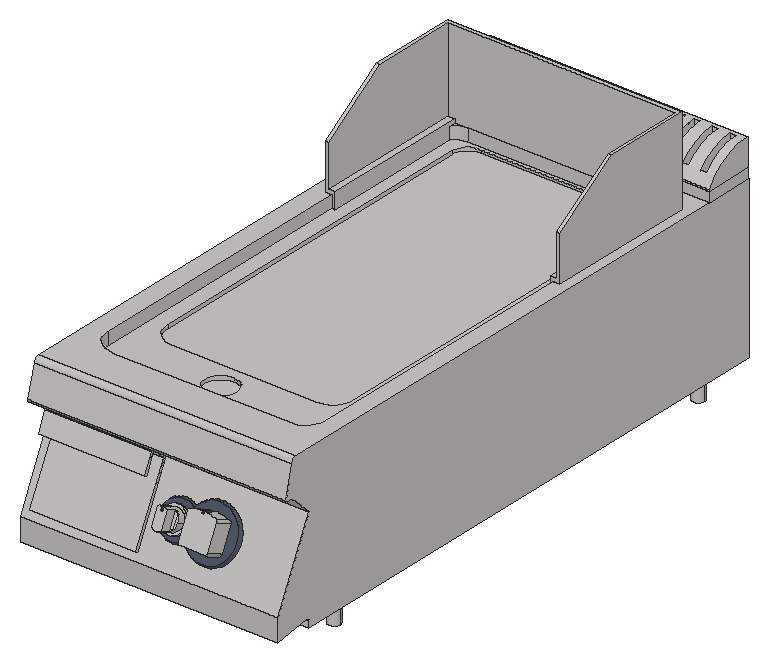
Revit family "QF_ZANUSSI_392053_Z9FTGDCS00", category Specialty Equipment, Revit 2018
Family settings
  Round Connector Dimension = Use Diameter
  Part Type = Normal
  Work Plane-Based = No
  Always vertical = Yes
  Cut with Voids When Loaded = No
  Shared = No
  Room Calculation Point = No
Parameters
  Width = 400 mm  # constant formula
  Weight in Pounds = 55  # constant formula
  Weight = 0.00 kg
  Watts = 0 W
  Volts = 0 V
  URL Manufacturer = "http://www.zanussiprofessional.com"
  URL Cutsheet = "www.electrolux.com/foodservice"
  URL = "http://www.zanussiprofessional.com"
  Type Mark [instance] = ""
  Steam Supply Size = 0"
  Steam Supply Minimum Pressure = 0.00 psi
  Steam Supply Maximum Pressure = 0.00 psi
  Steam Pounds per Hour = 0
  Status [instance] = ""
  Specification by User [instance] = ""
  Specification by Manufacturer = ""
  Show Logo [instance] = yes
  Show Clearance [instance] = yes
  Serial Number = ""
  Seismic Rating = ""
  SMACNA No = ""
  Revision Code [instance] = ""
  Refrigeration Suction Line Size = 0"
  Refrigeration Liquid Line Size = 0"
  Refrigerant Compressor Remote = yes
  Phase = 0
  Omniclass Number and Title = ""
  NAFEM Spec ID Number = ""
  Model = "Z9FTGDCS00"
  Mechanical Remarks [instance] = ""
  Mechanical Connection Type [instance] = ""
  Masterspec = ""
  Manufacturer = "Zanussi"
  Length Actual = 400 mm  # constant formula
  Item Number [instance] = "392053"
  Installed By [instance] = ""
  Identify Quantity as Lot [instance] = yes
  Hot Water Size = 0"
  Height Actual = 250 mm  # constant formula
  Height = 410 mm  # constant formula
  HP = "0 HP"
  Gas Size = 1/2"
  Gas RI Height [instance] = 0 mm
  Gas KW [instance] = 10
  Gas Input [instance] = 0.336018 Btu/h
  Gas Connection Height = 0 mm
  Furnished By [instance] = ""
  Foodservice Equipment Identifier [instance] = yes
  Direct Waste Size = 0"
  Description = "GAS FRYTOP CHR.SMOOTH SLOPED PLATE 400MM"
  Depth Actual = 900 mm  # constant formula
  Depth = 915 mm  # constant formula
  Cycle = 0 Hz
  Condensate Return Size = 0"
  Compressed Air Volume = 0 GPM
  Compressed Air Size = 0"
  Compressed Air Pressure = 0.00 psi
  Cold Water Size = 0"
  CSI MasterFormat = ""
  CSI Master Format = ""
  Base Height [instance] = 24 mm  # constant formula
  Accessory = yes
Reference planes
  plane 1 "BACK": y = 0
  plane 2: z = 0
  plane 3 "LEFT": x = 0
  plane 4 "RIGHT": x = 400
  plane 5 "FRONT": y = -915
  plane 6 "TOP": z = 410
  plane 7 "Center Y": x = 200
  plane 8 "Center X": y = -457.5
  plane 9 "BASE": z = 24
  plane 10: y = -791
  plane 11: y = -83
  plane 12: x = 348
  plane 13: y = -1045
  plane 14: z = 274
  plane 15: y = -666
  plane 16: y = -346.873
  plane 17 "panel": through (-6096, -854.982, 185.364) normal (0, -0.8956, 0.4448)
Forms (mm)
  Extrusion 1, solid, material "QF_Clearances", visible <- "Show Clearance", detail levels coarse
    sketch origin (0, 0, 0) x (1, 0, 0) y (0, 1, 0)
      loop
        line (0, -915) -> (0, 0) -> (400.05, 0) -> (400.05, -915) -> (500.069, -915) -> (500.069, 100.019) -> (-100.019, 100.019) -> (-100.019, -915) -> (0, -915)
    from 0 to 410
  Extrusion 2, solid, material "QF_Finishes_Stainless Steel"
    sketch origin (0, -200, 0) x (0, 1, 0) y (0, 0, 1)
      loop
        line (200, 24) -> (200, 274) -> (-679.358, 274)
        arc (-679.358, 274) -> (-684.643, 271.811) -> (-686.833, 266.526) r 7.474
        line (-686.833, 266.526) -> (-699.884, 221.011)
        arc (-699.884, 221.011) -> (-699.396, 218.379) -> (-697, 217.184) r 3
        line (-697, 217.184) -> (-686.802, 217.184) -> (-654.982, 185.364) -> (-715, 64.508) -> (-715, 29.508) -> (-658.645, 37.428)
        arc (-658.645, 37.428) -> (-656.101, 36.674) -> (-655, 34.259) r 3.2
        line (-655, 34.259) -> (-655, 24) -> (200, 24)
    from 0 to 400.05
  Extrusion 3, void
    sketch origin (0, -202.381, 275.4) x (-1, 0, 0) y (0, -1, 0)
      loop
        arc (-55.4, -87.381) -> (-37.439, -79.942) -> (-30, -61.981) r 25.4
        line (-30, -61.981) -> (-30, 579.98)
        arc (-30, 579.98) -> (-40.99, 606.513) -> (-67.523, 617.504) r 37.523
        line (-67.523, 617.504) -> (-344.314, 617.504)
        arc (-344.314, 617.504) -> (-366.048, 608.501) -> (-375.05, 586.768) r 30.736
        line (-375.05, 586.768) -> (-375.05, -61.981)
        arc (-375.05, -61.981) -> (-367.611, -79.942) -> (-349.65, -87.381) r 25.4
        line (-349.65, -87.381) -> (-55.4, -87.381)
    from 0 to -20
  Extrusion 4, solid, material "QF_Finishes_Stainless Steel"
    sketch origin (0, -200, 0) x (1, 0, 0) y (0, 1, 0)
      loop
        circle (11.112, 117) r 9.525
      loop
        circle (11.112, -591) r 9.525
      loop
        circle (388.887, 117) r 9.525
      loop
        circle (388.888, -591) r 9.525
    from 0 to 24
  Extrusion 5, solid, material "QF_Finishes_Stainless Steel"
    sketch origin (0, 0, 24) x (-1, 0, 0) y (0, 1, 0)
      loop
        circle (-348.05, -666) r 6.4
    from 0 to 18
  Extrusion 6, solid, material "QF_Finishes_Stainless Steel"
    sketch origin (0, -200, 0) x (0, -1, 0) y (0, 0, 1)
      loop
        line (-124.988, 274) -> (-124.988, 289) -> (-200, 289) -> (-200, 274) -> (-124.988, 274)
    from 0 to -400.05
  Extrusion 7, solid, material "QF_Finishes_Stainless Steel"
    sketch origin (0, 0, 0) x (0, 1, 0) y (0, 0, 1)
      loop
        line (0, 289) -> (0, 332.762)
        arc (0, 332.762) -> (-42.919, 322.313) -> (-75.012, 291.959) r 86.116
        line (-75.012, 291.959) -> (-75.012, 289) -> (0, 289)
    from 0 to 400
  Extrusion 8, void
    sketch origin (0, 0, 273.238) x (-1, 0, 0) y (0, -1, 0)
      loop
        line (-13.453, 6.761) -> (-13.453, 63.911) -> (-22.749, 63.911) -> (-22.749, 6.761) -> (-13.453, 6.761)
    from 25.4 to 63.5
  Extrusion 9, void
    sketch origin (400.05, 0, 273.238) x (1, 0, 0) y (0, 1, 0)
      loop
        line (-13.503, -6.761) -> (-22.799, -6.761) -> (-22.799, -63.911) -> (-13.503, -63.911) -> (-13.503, -6.761)
    from 25.4 to 63.5
  Extrusion 10, void
    sketch origin (27.988, 0, 273.238) x (-1, 0, 0) y (0, -1, 0)
      loop
        line (-13.453, 6.761) -> (-13.453, 63.911) -> (-22.749, 63.911) -> (-22.749, 6.761) -> (-13.453, 6.761)
    from 25.4 to 63.5
  Extrusion 11, void
    sketch origin (55.977, 0, 273.238) x (-1, 0, 0) y (0, -1, 0)
      loop
        line (-13.453, 6.761) -> (-13.453, 63.911) -> (-22.749, 63.911) -> (-22.749, 6.761) -> (-13.453, 6.761)
    from 25.4 to 63.5
  Extrusion 12, void
    sketch origin (83.965, 0, 273.238) x (-1, 0, 0) y (0, -1, 0)
      loop
        line (-13.428, 6.761) -> (-13.428, 63.911) -> (-22.724, 63.911) -> (-22.724, 6.761) -> (-13.428, 6.761)
    from 25.4 to 63.5
  Extrusion 13, void
    sketch origin (111.953, 0, 273.238) x (-1, 0, 0) y (0, -1, 0)
      loop
        line (-13.428, 6.761) -> (-13.428, 63.911) -> (-22.724, 63.911) -> (-22.724, 6.761) -> (-13.428, 6.761)
    from 25.4 to 63.5
  Extrusion 14, void
    sketch origin (139.942, 0, 273.238) x (-1, 0, 0) y (0, -1, 0)
      loop
        line (-13.428, 6.761) -> (-13.428, 63.911) -> (-22.724, 63.911) -> (-22.724, 6.761) -> (-13.428, 6.761)
    from 25.4 to 63.5
  Extrusion 15, void
    sketch origin (167.93, 0, 273.238) x (-1, 0, 0) y (0, -1, 0)
      loop
        line (-13.428, 6.761) -> (-13.428, 63.911) -> (-22.724, 63.911) -> (-22.724, 6.761) -> (-13.428, 6.761)
    from 25.4 to 63.5
  Extrusion 16, void
    sketch origin (307.872, 0, 273.238) x (-1, 0, 0) y (0, -1, 0)
      loop
        line (-13.403, 6.761) -> (-13.403, 63.911) -> (-22.699, 63.911) -> (-22.699, 6.761) -> (-13.403, 6.761)
    from 25.4 to 63.5
  Extrusion 17, void
    sketch origin (335.86, 0, 273.238) x (-1, 0, 0) y (0, -1, 0)
      loop
        line (-13.403, 6.761) -> (-13.403, 63.911) -> (-22.699, 63.911) -> (-22.699, 6.761) -> (-13.403, 6.761)
    from 25.4 to 63.5
  Extrusion 18, void
    sketch origin (228.013, 0, 273.238) x (-1, 0, 0) y (0, -1, 0)
      loop
        line (-13.428, 6.761) -> (-13.428, 63.911) -> (-22.724, 63.911) -> (-22.724, 6.761) -> (-13.428, 6.761)
    from 25.4 to 63.5
  Extrusion 19, void
    sketch origin (256.002, 0, 273.238) x (-1, 0, 0) y (0, -1, 0)
      loop
        line (-13.428, 6.761) -> (-13.428, 63.911) -> (-22.724, 63.911) -> (-22.724, 6.761) -> (-13.428, 6.761)
    from 25.4 to 63.5
  Extrusion 20, void
    sketch origin (283.99, 0, 273.238) x (-1, 0, 0) y (0, -1, 0)
      loop
        line (-13.403, 6.761) -> (-13.403, 63.911) -> (-22.699, 63.911) -> (-22.699, 6.761) -> (-13.403, 6.761)
    from 25.4 to 63.5
  Extrusion 21, void
    sketch origin (200.025, 0, 273.238) x (-1, 0, 0) y (0, -1, 0)
      loop
        line (-13.428, 6.761) -> (-13.428, 63.911) -> (-22.724, 63.911) -> (-22.724, 6.761) -> (-13.428, 6.761)
    from 25.4 to 63.5
  Extrusion 22, void
    sketch origin (0, -202.381, 255.4) x (0, -1, 0) y (-1, 0, 0)
      loop
        arc (-56.619, -55) -> (-74.579, -62.439) -> (-82.019, -80.4) r 25.4
        line (-82.019, -80.4) -> (-82.019, -322.6)
        arc (-82.019, -322.6) -> (-74.579, -340.561) -> (-56.619, -348) r 25.4
        line (-56.619, -348) -> (501.768, -348)
        arc (501.768, -348) -> (523.501, -338.998) -> (532.504, -317.264) r 30.736
        line (532.504, -317.264) -> (532.504, -92.523)
        arc (532.504, -92.523) -> (521.513, -65.99) -> (494.98, -55) r 37.523
        line (494.98, -55) -> (-56.619, -55)
      loop
        circle (572.619, -200) r 25
    from 0 to 5
  Extrusion 23, solid, material "QF_Finishes_Stainless Steel"
    sketch origin (0, 0, 275) x (0, 0, -1) y (-1, 0, 0)
      loop
        line (20.6, -30) -> (1, -30) -> (1, -20) -> (-135, -20) -> (-135, -25) -> (-5, -25) -> (-5, -35) -> (20.6, -35) -> (20.6, -30)
      loop
        line (20.6, -375.05) -> (20.6, -370.05) -> (-5, -370.05) -> (-5, -380.05) -> (-135, -380.05) -> (-135, -385.05) -> (1, -385.05) -> (1, -375.05) -> (20.6, -375.05)
    from -110 to -346.873
  Extrusion 24, void
    sketch origin (385.05, 0, 274) x (0, 0, -1) y (0, -1, 0)
      loop
        line (-71, 346.873) -> (-136, 346.873) -> (-136, 246.781) -> (-71, 346.873)
    from 0 to 12.7
  Extrusion 25, void
    sketch origin (25, 0, 292.959) x (0, 0, -1) y (0, -1, 0)
      loop
        line (-52.041, 346.873) -> (-117.041, 346.873) -> (-117.041, 246.781) -> (-52.041, 346.873)
    from 0 to 12.7
  Extrusion 26, solid, material "QF_Finishes_Stainless Steel"
    sketch origin (0, -110, 275) x (0, 0, -1) y (-1, 0, 0)
      loop
        line (-135, -20) -> (-135, -385.05) -> (1, -385.05) -> (1, -20) -> (-135, -20)
    from 0 to -5
  Blend 27, solid, material "QF_Finishes_Navy Blue"
    base sketch origin (276.419, -884.991, 124.936) x (1, 0, 0) y (0, 0.444781, 0.895639)
      loop
        arc (-35.05, -24.037) -> (42.5, 0) -> (-35.05, 24.037) r 42.5
        arc (-35.05, 24.037) -> (-83, 0) -> (-35.05, -24.037) r 30
    top sketch origin (276.419, -884.991, 124.936) x (1, 0, 0) y (0, 0.444781, 0.895639)
      loop
        arc (-34.578, -21.086) -> (40.5, 0) -> (-34.578, 21.086) r 40.5
        arc (-34.578, 21.086) -> (-81, 0) -> (-34.578, -21.086) r 28
    from 0 to 5
  Extrusion 28, solid, material "QF_Finishes_Stainless Steel"
    sketch origin (43.919, -884.991, 124.936) x (1, 0, 0) y (0, 0.444781, 0.895639)
      loop
        circle (177.499, -0.341) r 20
    from 5 to 10
  Extrusion 29, solid, material "QF_Finishes_Stainless Steel"
    sketch origin (43.919, -884.991, 124.936) x (1, 0, 0) y (0, 0.444781, 0.895639)
      loop
        arc (211.353, 22.789) -> (210.006, 21.685) -> (209.5, 20.019) r 2.997
        line (209.5, 20.019) -> (209.5, -20.019)
        arc (209.5, -20.019) -> (210.378, -22.138) -> (212.497, -23.016) r 2.997
        line (212.497, -23.016) -> (252.503, -23.016)
        arc (252.503, -23.016) -> (254.622, -22.138) -> (255.5, -20.019) r 2.997
        line (255.5, -20.019) -> (255.5, 20.019)
        arc (255.5, 20.019) -> (254.994, 21.685) -> (253.647, 22.789) r 2.997
        arc (253.647, 22.789) -> (232.5, 26.984) -> (211.353, 22.789) r 55.4
    from 5 to 34
  Extrusion 30, solid, material "QF_Finishes_Stainless Steel"
    sketch origin (43.919, -884.991, 124.936) x (1, 0, 0) y (0, 0.444781, 0.895639)
      loop
        circle (177.499, -0.341) r 16
    from 10 to 40
  Extrusion 31, void
    sketch origin (276.419, -884.991, 124.936) x (1, 0, 0) y (0, -0.895639, 0.444781)
      loop
        line (-62.999, 24.837) -> (-62.999, 40) -> (-71.893, 40) -> (-71.893, 22) -> (-65.835, 22)
        arc (-65.835, 22) -> (-63.827, 22.828) -> (-62.999, 24.837) r 2.827
      loop
        arc (-47.003, 24.837) -> (-46.175, 22.828) -> (-44.167, 22) r 2.827
        line (-44.167, 22) -> (-38.109, 22) -> (-38.109, 40) -> (-47.003, 40) -> (-47.003, 24.837)
    from -20.019 to 20.019
  Extrusion 32, solid, material "QF_Plastic-Black-Matte"
    sketch origin (333.919, -884.991, 124.936) x (0, 0.444781, 0.895639) y (0, -0.895639, 0.444781)
      loop
        line (26.984, 34) -> (26.984, 19) -> (27.984, 19) -> (27.984, 34)
        arc (27.984, 34) -> (27.691, 34.707) -> (26.984, 35) r 1
        line (26.984, 35) -> (23.984, 35) -> (23.984, 34) -> (26.984, 34)
    from -58.5 to -56.5
  Extrusion 33, solid, material "QF_Plastic-Black-Matte"
    sketch origin (221.418, -1018.425, -143.756) x (0, -0.444781, -0.895639) y (0, -0.895639, 0.444781)
      loop
        line (-310.284, 39.984) -> (-310.284, 40.984) -> (-312.9, 40.984)
        arc (-312.9, 40.984) -> (-315.562, 39.882) -> (-316.664, 37.22) r 3.764
        line (-316.664, 37.22) -> (-316.664, 25.027) -> (-315.664, 25.027) -> (-315.664, 37.22)
        arc (-315.664, 37.22) -> (-314.855, 39.175) -> (-312.9, 39.984) r 2.764
        line (-312.9, 39.984) -> (-310.284, 39.984)
    from 1 to -1
  Extrusion 34, solid, material "QF_Finishes_Stainless Steel"
    sketch origin (0, -214.132, -0.464) x (0, 1, 0) y (0, 0, 1)
      loop
        line (-640.85, 185.828) -> (-659.988, 204.966)
        arc (-659.988, 204.966) -> (-664.455, 206.368) -> (-668.159, 203.504) r 5.058
        line (-668.159, 203.504) -> (-680.821, 175.994) -> (-677.937, 174.666) -> (-665.275, 202.176)
        arc (-665.275, 202.176) -> (-663.896, 203.243) -> (-662.233, 202.721) r 1.883
        line (-662.233, 202.721) -> (-644.727, 185.215) -> (-698.248, 77.444) -> (-695.339, 76.105) -> (-640.85, 185.828)
    from 12.7 to 177.8
  Extrusion 35, solid, material "QF_Finishes_Drawer Clearance", visible <- "Show Clearance", detail levels coarse
    sketch origin (0, -315.732, -0.464) x (0, 1, 0) y (0, 0, 1)
      loop
        line (-726.181, 76.105) -> (-593.739, 76.105) -> (-539.25, 185.828) -> (-558.388, 204.966)
        arc (-558.388, 204.966) -> (-560.449, 206.215) -> (-562.855, 206.368) r 5.058
        line (-562.855, 206.368) -> (-695.296, 206.368)
        arc (-695.296, 206.368) -> (-697.5, 205.39) -> (-699, 203.504) r 5.058
        line (-699, 203.504) -> (-711.662, 175.994) -> (-708.778, 174.666) -> (-696.116, 202.176)
        arc (-696.116, 202.176) -> (-694.737, 203.243) -> (-693.074, 202.721) r 1.883
        line (-693.074, 202.721) -> (-675.569, 185.215) -> (-729.089, 77.444) -> (-726.181, 76.105)
    from 12.7 to 177.8
Cuts and joins
  Extrusion 3, Extrusion 22 cuts Extrusion 2
  Extrusion 8, Extrusion 9, Extrusion 10, Extrusion 11, Extrusion 12, Extrusion 13, Extrusion 14, Extrusion 15, Extrusion 16, Extrusion 17, Extrusion 18, Extrusion 19, Extrusion 20, Extrusion 21 cuts Extrusion 7
  Extrusion 18 cuts Extrusion 1
  Extrusion 24, Extrusion 25 cuts Extrusion 23
  joined: Extrusion 23, Extrusion 26
  Extrusion 31 cuts Extrusion 30
Lines and regions (mm)
  Split face 1
    outline origin (276.419, -889.469, 127.16) x (1, 0, 0) y (0, 0.444781, 0.895639)
      loop
        circle (0, 33) r 1
  Split face 2
    outline origin (276.419, -889.469, 127.16) x (1, 0, 0) y (0, 0.444781, 0.895639)
      loop
        circle (-8.541, 31.876) r 1
  Split face 3
    outline origin (276.419, -889.469, 127.16) x (1, 0, 0) y (0, 0.444781, 0.895639)
      loop
        circle (-16.5, 28.579) r 1
  Split face 4
    outline origin (276.419, -889.469, 127.16) x (1, 0, 0) y (0, 0.444781, 0.895639)
      loop
        circle (-23.335, 23.335) r 1
  Split face 5
    outline origin (276.419, -889.469, 127.16) x (1, 0, 0) y (0, 0.444781, 0.895639)
      loop
        circle (-28.579, 16.5) r 1
  Split face 6
    outline origin (276.419, -889.469, 127.16) x (1, 0, 0) y (0, 0.444781, 0.895639)
      loop
        circle (-31.876, 8.541) r 1
  Split face 7
    outline origin (276.419, -889.469, 127.16) x (1, 0, 0) y (0, 0.444781, 0.895639)
      loop
        circle (-33, 0) r 1
  Split face 8
    outline origin (276.419, -889.469, 127.16) x (-1, 0, 0) y (0, 0.444781, 0.895639)
      loop
        circle (31.876, -8.541) r 1
  Split face 9
    outline origin (276.419, -889.469, 127.16) x (-1, 0, 0) y (0, 0.444781, 0.895639)
      loop
        circle (28.579, -16.5) r 1
  Split face 10
    outline origin (276.419, -889.469, 127.16) x (-1, 0, 0) y (0, 0.444781, 0.895639)
      loop
        circle (23.335, -23.335) r 1
  Split face 11
    outline origin (276.419, -889.469, 127.16) x (-1, 0, 0) y (0, 0.444781, 0.895639)
      loop
        circle (16.5, -28.579) r 1
  Split face 12
    outline origin (276.419, -889.469, 127.16) x (-1, 0, 0) y (0, 0.444781, 0.895639)
      loop
        circle (8.541, -31.876) r 1
  Split face 13
    outline origin (276.419, -889.469, 127.16) x (1, 0, 0) y (0, -0.444781, -0.895639)
      loop
        circle (33, 0) r 1
  Split face 14
    outline origin (276.419, -889.469, 127.16) x (1, 0, 0) y (0, -0.444781, -0.895639)
      loop
        circle (31.876, -8.541) r 1
  Split face 15
    outline origin (276.419, -889.469, 127.16) x (1, 0, 0) y (0, -0.444781, -0.895639)
      loop
        circle (28.579, -16.5) r 1
  Split face 16
    outline origin (276.419, -889.469, 127.16) x (1, 0, 0) y (0, -0.444781, -0.895639)
      loop
        circle (23.335, -23.335) r 1
  Split face 17
    outline origin (276.419, -889.469, 127.16) x (1, 0, 0) y (0, -0.444781, -0.895639)
      loop
        circle (16.5, -28.579) r 1
  Split face 18
    outline origin (276.419, -889.469, 127.16) x (1, 0, 0) y (0, -0.444781, -0.895639)
      loop
        circle (8.541, -31.876) r 1
  Split face 19
    outline origin (276.419, -889.469, 127.16) x (-1, 0, 0) y (0, -0.444781, -0.895639)
      loop
        circle (-8.541, 31.876) r 1
  Split face 20
    outline origin (276.419, -889.469, 127.16) x (-1, 0, 0) y (0, -0.444781, -0.895639)
      loop
        circle (-16.5, 28.579) r 1
  Split face 21
    outline origin (276.419, -889.469, 127.16) x (-1, 0, 0) y (0, -0.444781, -0.895639)
      loop
        circle (-23.335, 23.335) r 1
  Split face 22
    outline origin (276.419, -889.469, 127.16) x (-1, 0, 0) y (0, -0.444781, -0.895639)
      loop
        circle (-28.579, 16.5) r 1
  Split face 23
    outline origin (276.419, -889.469, 127.16) x (-1, 0, 0) y (0, -0.444781, -0.895639)
      loop
        circle (-31.876, 8.541) r 1
  Split face 24
    outline origin (276.419, -889.469, 127.16) x (1, 0, 0) y (0, 0.444781, 0.895639)
      loop
        circle (-55.001, 22) r 1.508
  Split face 25
    outline origin (277.545, -885.216, 135.725) x (1, 0, 0) y (0, 0.444781, 0.895639)
      loop
        circle (-77.001, 0) r 1.343
  Split face 26
    outline origin (276.419, -889.469, 127.16) x (1, 0, 0) y (0, 0.444781, 0.895639)
      loop
        line (-56.273, -20.786) -> (-56.273, -25.164) -> (-53.729, -25.164) -> (-53.729, -20.786) -> (-56.273, -20.786)
  Split face 27
    outline origin (276.419, -889.469, 127.16) x (1, 0, 0) y (0, 0.444781, 0.895639)
      loop
        line (-70.261, 16.732) -> (-67.433, 19.559) -> (-71.077, 17.548) -> (-70.261, 16.732)
  Split face 28
    outline origin (276.419, -889.469, 127.16) x (1, 0, 0) y (0, 0.444781, 0.895639)
      loop
        circle (0, -33) r 1
  symbolic lines, style "QF_Clearances", visible <- "Show Clearance", detail levels coarse
    curve 1: line (-100.019, 100.019, 276.225) -> (-100.019, -930, 276.225)
    curve 2: line (500.069, 100.019, 276.225) -> (-100.019, 100.019, 276.225)
    curve 3: line (500.069, -930, 276.225) -> (500.069, 100.019, 276.225)
  symbolic lines
    curve 4: line (0, -75.012, 276.225) -> (400.05, -75.012, 276.225)
    curve 5: line (0, -915, 276.225) -> (0, 0, 276.225)
    curve 6: line (400.05, 0, 276.225) -> (400.05, -915, 276.225)
    curve 7: line (30, -346.873, 276.225) -> (30, -782.362, 276.225)
    curve 8: arc (30, -782.362, 276.225) -> (40.99, -808.895, 276.225) -> (67.523, -819.885, 276.225) r 37.523
    curve 9: arc (344.314, -819.885, 276.225) -> (366.048, -810.883, 276.225) -> (375.05, -789.149, 276.225) r 30.736
    curve 10: line (375.05, -789.149, 276.225) -> (375.05, -346.873, 276.225)
    curve 11: line (67.523, -819.885, 276.225) -> (344.314, -819.885, 276.225)
    curve 15: line (0, 0, 276.225) -> (400.05, 0, 276.225)
    curve 16: line (22.749, -6.761, 276.225) -> (22.749, -63.911, 276.225)
    curve 17: line (22.749, -63.911, 276.225) -> (13.453, -63.911, 276.225)
    curve 18: line (13.453, -63.911, 276.225) -> (13.453, -6.761, 276.225)
    curve 19: line (13.453, -6.761, 276.225) -> (22.749, -6.761, 276.225)
    curve 20: line (50.737, -6.761, 276.225) -> (50.737, -63.911, 276.225)
    curve 21: line (50.737, -63.911, 276.225) -> (41.441, -63.911, 276.225)
    curve 22: line (41.441, -63.911, 276.225) -> (41.441, -6.761, 276.225)
    curve 23: line (41.441, -6.761, 276.225) -> (50.737, -6.761, 276.225)
    curve 24: line (78.725, -6.761, 276.225) -> (78.725, -63.911, 276.225)
    curve 25: line (78.725, -63.911, 276.225) -> (69.43, -63.911, 276.225)
    curve 26: line (69.43, -63.911, 276.225) -> (69.43, -6.761, 276.225)
    curve 27: line (69.43, -6.761, 276.225) -> (78.725, -6.761, 276.225)
    curve 28: line (106.689, -6.761, 276.225) -> (106.689, -63.911, 276.225)
    curve 29: line (106.689, -63.911, 276.225) -> (97.393, -63.911, 276.225)
    curve 30: line (97.393, -63.911, 276.225) -> (97.393, -6.761, 276.225)
    curve 31: line (97.393, -6.761, 276.225) -> (106.689, -6.761, 276.225)
    curve 32: line (134.677, -6.761, 276.225) -> (134.677, -63.911, 276.225)
    curve 33: line (134.677, -63.911, 276.225) -> (125.381, -63.911, 276.225)
    curve 34: line (125.381, -63.911, 276.225) -> (125.381, -6.761, 276.225)
    curve 35: line (125.381, -6.761, 276.225) -> (134.677, -6.761, 276.225)
    curve 36: line (162.665, -6.761, 276.225) -> (162.665, -63.911, 276.225)
    curve 37: line (162.665, -63.911, 276.225) -> (153.37, -63.911, 276.225)
    curve 38: line (153.37, -63.911, 276.225) -> (153.37, -6.761, 276.225)
    curve 39: line (153.37, -6.761, 276.225) -> (162.665, -6.761, 276.225)
    curve 40: line (190.654, -6.761, 276.225) -> (190.654, -63.911, 276.225)
    curve 41: line (190.654, -63.911, 276.225) -> (181.358, -63.911, 276.225)
    curve 42: line (181.358, -63.911, 276.225) -> (181.358, -6.761, 276.225)
    curve 43: line (181.358, -6.761, 276.225) -> (190.654, -6.761, 276.225)
    curve 44: line (222.749, -6.761, 276.225) -> (222.749, -63.911, 276.225)
    curve 45: line (222.749, -63.911, 276.225) -> (213.453, -63.911, 276.225)
    curve 46: line (213.453, -63.911, 276.225) -> (213.453, -6.761, 276.225)
    curve 47: line (213.453, -6.761, 276.225) -> (222.749, -6.761, 276.225)
    curve 48: line (250.737, -6.761, 276.225) -> (250.737, -63.911, 276.225)
    curve 49: line (250.737, -63.911, 276.225) -> (241.441, -63.911, 276.225)
    curve 50: line (241.441, -63.911, 276.225) -> (241.441, -6.761, 276.225)
    curve 51: line (241.441, -6.761, 276.225) -> (250.737, -6.761, 276.225)
    curve 52: line (278.725, -6.761, 276.225) -> (278.725, -63.911, 276.225)
    curve 53: line (278.725, -63.911, 276.225) -> (269.43, -63.911, 276.225)
    curve 54: line (269.43, -63.911, 276.225) -> (269.43, -6.761, 276.225)
    curve 55: line (269.43, -6.761, 276.225) -> (278.725, -6.761, 276.225)
    curve 56: line (306.689, -6.761, 276.225) -> (306.689, -63.911, 276.225)
    curve 57: line (306.689, -63.911, 276.225) -> (297.393, -63.911, 276.225)
    curve 58: line (297.393, -63.911, 276.225) -> (297.393, -6.761, 276.225)
    curve 59: line (297.393, -6.761, 276.225) -> (306.689, -6.761, 276.225)
    curve 60: line (330.57, -6.761, 276.225) -> (330.57, -63.911, 276.225)
    curve 61: line (330.57, -63.911, 276.225) -> (321.275, -63.911, 276.225)
    curve 62: line (321.275, -63.911, 276.225) -> (321.275, -6.761, 276.225)
    curve 63: line (321.275, -6.761, 276.225) -> (330.57, -6.761, 276.225)
    curve 64: line (358.559, -6.761, 276.225) -> (358.559, -63.911, 276.225)
    curve 65: line (358.559, -63.911, 276.225) -> (349.263, -63.911, 276.225)
    curve 66: line (349.263, -63.911, 276.225) -> (349.263, -6.761, 276.225)
    curve 67: line (349.263, -6.761, 276.225) -> (358.559, -6.761, 276.225)
    curve 68: line (386.547, -6.761, 276.225) -> (386.547, -63.911, 276.225)
    curve 69: line (386.547, -63.911, 276.225) -> (377.251, -63.911, 276.225)
    curve 70: line (377.251, -63.911, 276.225) -> (377.251, -6.761, 276.225)
    curve 71: line (377.251, -6.761, 276.225) -> (386.547, -6.761, 276.225)
    curve 72: line (20, -110, 276.225) -> (20, -346.873, 276.225)
    curve 73: line (385.05, -110, 276.225) -> (20, -110, 276.225)
    curve 74: line (385.05, -346.873, 276.225) -> (385.05, -110, 276.225)
    curve 75: line (20, -346.873, 276.225) -> (35, -346.873, 276.225)
    curve 76: line (370.05, -346.873, 276.225) -> (385.05, -346.873, 276.225)
    curve 77: arc (55, -145.762, 276.225) -> (62.439, -127.802, 276.225) -> (80.4, -120.362, 276.225) r 25.4
    curve 78: line (80.4, -120.362, 276.225) -> (322.6, -120.362, 276.225)
    curve 79: arc (322.6, -120.362, 276.225) -> (340.561, -127.802, 276.225) -> (348, -145.762, 276.225) r 25.4
    curve 80: line (348, -145.762, 276.225) -> (348, -704.149, 276.225)
    curve 81: arc (348, -704.149, 276.225) -> (338.998, -725.883, 276.225) -> (317.264, -734.885, 276.225) r 30.736
    curve 82: line (317.264, -734.885, 276.225) -> (92.523, -734.885, 276.225)
    curve 83: arc (92.523, -734.885, 276.225) -> (65.99, -723.895, 276.225) -> (55, -697.362, 276.225) r 37.523
    curve 84: line (55, -697.362, 276.225) -> (55, -145.762, 276.225)
    curve 85: line (370.05, -346.873, 276.225) -> (370.05, -115, 276.225)
    curve 86: line (380.05, -115, 276.225) -> (380.05, -346.873, 276.225)
    curve 87: line (35, -346.873, 276.225) -> (35, -115, 276.225)
    curve 88: line (25, -346.873, 276.225) -> (25, -115, 276.225)
    curve 89: line (35, -115, 276.225) -> (380.05, -115, 276.225)
    curve 90: arc (370.05, -125.267, 276.225) -> (361.069, -117.712, 276.225) -> (349.65, -115, 276.225) r 25.4
    curve 91: arc (55.4, -115, 276.225) -> (43.981, -117.712, 276.225) -> (35, -125.267, 276.225) r 25.4
    curve 92: arc (200, -750, 276.225) -> (225, -775, 276.225) -> (200, -800, 276.225) r 25
    curve 93: arc (200, -800, 276.225) -> (175, -775, 276.225) -> (200, -750, 276.225) r 25
    curve 94: line (253.419, -900, 0) -> (253.419, -924.347, 0)
    curve 95: arc (253.419, -924.347, 0) -> (253.566, -924.811, 0) -> (253.951, -925.107, 0) r 0.809
    curve 96: arc (253.951, -925.107, 0) -> (255.139, -925.587, 0) -> (256.417, -925.68, 0) r 4.127
    curve 97: arc (253.419, -904.292, 0) -> (248.378, -902.458, 0) -> (243.61, -900, 0) r 42.24
    curve 98: arc (253.419, -906.539, 0) -> (253.922, -905.818, 0) -> (254.719, -905.448, 0) r 1.682
    curve 99: arc (254.719, -905.448, 0) -> (265.021, -903.95, 0) -> (275.419, -903.441, 0) r 109.079
    curve 100: line (275.419, -900, 0) -> (275.419, -905.671, 0)
    curve 101: line (275.419, -905.671, 0) -> (277.419, -905.671, 0)
    curve 102: line (277.419, -905.671, 0) -> (277.419, -900, 0)
    curve 103: line (299.419, -900, 0) -> (299.419, -924.347, 0)
    curve 104: arc (299.419, -924.347, 0) -> (299.273, -924.811, 0) -> (298.887, -925.107, 0) r 0.809
    curve 105: arc (298.887, -925.107, 0) -> (297.7, -925.587, 0) -> (296.422, -925.68, 0) r 4.127
    curve 106: arc (299.419, -904.292, 0) -> (304.461, -902.458, 0) -> (309.229, -900, 0) r 42.24
    curve 107: arc (299.419, -906.539, 0) -> (298.917, -905.818, 0) -> (298.12, -905.448, 0) r 1.682
    curve 108: arc (298.12, -905.448, 0) -> (287.818, -903.95, 0) -> (277.419, -903.441, 0) r 109.079
    curve 109: line (256.417, -925.68, 0) -> (296.422, -925.68, 0)
    curve 110: line (213.421, -925.977, 908.9) -> (213.421, -901.224, 908.9)
    curve 111: line (229.416, -901.224, 908.9) -> (229.416, -925.977, 908.9)
    curve 112: spline (210.785, -910.164, 908.9) -> (209.296, -909.491, 908.9) -> (208.02, -908.737, 908.9) -> (206.98, -907.914, 908.9) -> (206.195, -907.037, 908.9) -> (205.677, -906.121, 908.9) -> (205.436, -905.183, 908.9) -> (205.477, -904.239, 908.9) -> (205.798, -903.306, 908.9) -> (206.393, -902.4, 908.9) -> (207.254, -901.537, 908.9) -> (208.363, -900.732, 908.9) -> (209.702, -900, 908.9)
    curve 113: spline (233.133, -900, 908.9) -> (234.477, -900.735, 908.9) -> (235.589, -901.543, 908.9) -> (236.451, -902.41, 908.9) -> (237.046, -903.319, 908.9) -> (237.365, -904.256, 908.9) -> (237.401, -905.204, 908.9) -> (237.154, -906.145, 908.9) -> (236.628, -907.063, 908.9) -> (235.833, -907.942, 908.9) -> (234.782, -908.766, 908.9) -> (233.495, -909.521, 908.9) -> (231.994, -910.193, 908.9)
    curve 114: spline (231.994, -910.193, 908.9) -> (231.713, -910.322, 908.9) -> (231.432, -910.487, 908.9) -> (231.154, -910.686, 908.9) -> (230.884, -910.917, 908.9) -> (230.626, -911.177, 908.9) -> (230.382, -911.461, 908.9) -> (230.157, -911.765, 908.9) -> (229.954, -912.085, 908.9) -> (229.777, -912.416, 908.9) -> (229.626, -912.754, 908.9) -> (229.505, -913.094, 908.9) -> (229.416, -913.43, 908.9)
    curve 115: spline (213.421, -913.341, 908.9) -> (213.348, -912.987, 908.9) -> (213.241, -912.634, 908.9) -> (213.1, -912.286, 908.9) -> (212.927, -911.949, 908.9) -> (212.725, -911.628, 908.9) -> (212.497, -911.327, 908.9) -> (212.246, -911.051, 908.9) -> (211.976, -910.803, 908.9) -> (211.69, -910.588, 908.9) -> (211.394, -910.408, 908.9) -> (211.09, -910.266, 908.9) -> (210.785, -910.164, 908.9)
    curve 116: line (205.418, -904.847, 908.9) -> (205.418, -900, 908.9)
    curve 117: line (237.421, -904.85, 908.9) -> (237.421, -900, 908.9)
    curve 118: arc (213.421, -925.977, 908.9) -> (221.418, -927.063, 908.9) -> (229.416, -925.977, 908.9) r 30
    curve 119: arc (213.421, -901.224, 0) -> (213.322, -900.567, 0) -> (212.975, -900, 0) r 1.677
    curve 120: arc (229.416, -901.224, 0) -> (229.515, -900.567, 0) -> (229.861, -900, 0) r 1.677
    curve 121: line (299.419, -915, 276.225) -> (400.05, -915, 276.225)
    curve 122: line (0, -900, 276.225) -> (400.05, -900, 276.225)
    curve 123: line (253.419, -915, 276.225) -> (229.416, -915, 276.225)
    curve 124: line (0, -915, 276.225) -> (213.421, -915, 276.225)
    curve 125: line (12.7, -915, 276.225) -> (12.7, -900, 276.225)
    curve 126: line (177.8, -915, 276.225) -> (177.8, -900, 276.225)
  symbolic lines, style "QF_Door-Drawer Clearances", visible <- "Show Clearance", detail levels coarse
    curve 12: line (12.7, -915, 276.225) -> (12.7, -1044.821, 276.225)
    curve 13: line (12.7, -1044.821, 276.225) -> (177.8, -1044.821, 276.225)
    curve 14: line (177.8, -1044.821, 276.225) -> (177.8, -915, 276.225)
Dimensions and locks
  equal spacing: plane 3 "LEFT", plane 7 "Center Y", plane 4 "RIGHT"
  "Width": plane 3 "LEFT" to plane 4 "RIGHT"
  equal spacing: plane 5 "FRONT", plane 8 "Center X", plane 1 "BACK"
  "Depth": plane 5 "FRONT" to plane 1 "BACK"
  plane 1 "BACK" to plane 5 "FRONT" = 915 mm
  "Base Height": plane 9 "BASE" to level
  plane 9 "BASE" to level = 24 mm
  plane 6 "TOP" to level = 410 mm
  plane 6 "TOP" to plane 9 "BASE" = 386 mm
  plane 13 to plane 1 "BACK" = 1045 mm
  plane 5 "FRONT" to plane 1 "BACK" = 915 mm
  Extrusion 4 sketch curve to plane 1 "BACK" = 83 mm
  plane 10 to plane 11 to plane 1 "BACK" = 708 mm, 83 mm
  Extrusion 4 sketch curve to Extrusion 4 sketch curve = 708 mm
  plane 5 "FRONT" to plane 10 = 124 mm
  Extrusion 5 to plane 9 "BASE" = 18 mm
  plane 14 to plane 9 "BASE" = 250 mm
  plane 15 to plane 1 "BACK" = 666 mm
  plane 9 "BASE" to plane 2 = 24 mm
  plane 9 "BASE" to cut or joined group of Extrusion 7, Extrusion 8, Extrusion 9, Extrusion 10, Extrusion 11, Extrusion 12, Extrusion 13, Extrusion 14, Extrusion 15, Extrusion 16, Extrusion 17, Extrusion 18, Extrusion 19, Extrusion 20, Extrusion 21 = 265 mm
  aligned and locked: level to plane 2
  aligned and locked: plane 9 "BASE" to Extrusion 4
Automatic sketch dimensions
  plane 5 "FRONT" to Extrusion 1 sketch curve = 0 mm  (x2)
  plane 1 "BACK" to Extrusion 1 sketch curve = 0 mm
  Extrusion 1 sketch curve to plane 3 "LEFT" = 0 mm
  Extrusion 1 sketch curve to plane 3 "LEFT" = 100.019 mm
  plane 4 "RIGHT" to Extrusion 1 sketch curve = 0.05 mm
  Extrusion 1 sketch curve to Extrusion 1 sketch curve = 100.019 mm
  Extrusion 1 sketch curve to plane 1 "BACK" = 100.019 mm
  Extrusion 2 sketch curve to plane 5 "FRONT" = 0 mm
  Extrusion 2 sketch curve to plane 14 = 0 mm
  Extrusion 2 sketch curve to plane 9 "BASE" = 0 mm
  Extrusion 2 sketch curve to plane 17 "panel" = 0 mm  (x2)
  Extrusion 2 sketch curve to plane 1 "BACK" = 0 mm
  Extrusion 2 sketch curve to plane 5 "FRONT" = 15.116 mm
  Extrusion 2 sketch curve to Extrusion 2 sketch curve = 2.884 mm
  Extrusion 2 sketch curve to plane 14 = 7.474 mm
  Extrusion 2 sketch curve to plane 5 "FRONT" = 28.167 mm
  Extrusion 2 sketch curve to Extrusion 2 sketch curve = 10.198 mm
  plane 9 "BASE" to Extrusion 2 sketch curve = 13.428 mm
  Extrusion 2 sketch curve to plane 5 "FRONT" = 56.355 mm
  Extrusion 2 sketch curve to Extrusion 2 sketch curve = 0.445 mm
  Extrusion 2 sketch curve to Extrusion 2 sketch curve = 3.2 mm
  Extrusion 2 sketch curve to Extrusion 2 sketch curve = 31.82 mm  (x2)
  plane 9 "BASE" to Extrusion 2 sketch curve = 5.508 mm
  Extrusion 2 sketch curve to Extrusion 2 sketch curve = 3 mm
  Extrusion 3 sketch curve to plane 10 = 1.851 mm
  Extrusion 3 sketch curve to plane 4 "RIGHT" = 24.95 mm
  Extrusion 3 sketch curve to plane 12 = 1.65 mm
  plane 12 to Extrusion 3 sketch curve = 3.686 mm
  Extrusion 3 sketch curve to plane 10 = 8.638 mm
  plane 3 "LEFT" to Extrusion 3 sketch curve = 67.523 mm
  Extrusion 3 sketch curve to Extrusion 3 sketch curve = 25.4 mm
  plane 11 to Extrusion 3 sketch curve = 57.4 mm
  plane 10 to Extrusion 4 sketch curve = 0 mm
  plane 11 to Extrusion 4 sketch curve = 0 mm
  plane 3 "LEFT" to Extrusion 4 sketch curve = 11.112 mm  (x2)
  Extrusion 4 sketch curve to plane 4 "RIGHT" = 11.113 mm  (x2)
  Extrusion 5 sketch curve to plane 15 = 0 mm
  Extrusion 5 sketch curve to plane 12 = 0.05 mm
  Extrusion 6 sketch curve to Extrusion 2 = 0 mm  (x2)
  Extrusion 2 to Extrusion 6 sketch curve = 15 mm
  Extrusion 6 sketch curve to Extrusion 6 sketch curve = 75.012 mm
  Extrusion 7 sketch curve to plane 1 "BACK" = 0 mm
  plane 1 "BACK" to Extrusion 7 sketch curve = 1.769 mm
  Extrusion 7 sketch curve to plane 11 = 7.988 mm
  Extrusion 7 sketch curve to plane 14 = 27.335 mm
  plane 14 to Extrusion 7 sketch curve = 15 mm
  Extrusion 7 sketch curve to Extrusion 7 sketch curve = 2.959 mm
  plane 1 "BACK" to Extrusion 8 sketch curve = 6.761 mm
  plane 3 "LEFT" to Extrusion 8 sketch curve = 22.749 mm
  Extrusion 8 sketch curve to Extrusion 8 sketch curve = 9.296 mm
  Extrusion 8 sketch curve to plane 11 = 19.089 mm
  Extrusion 9 sketch curve to plane 1 "BACK" = 6.761 mm
  plane 4 "RIGHT" to Extrusion 9 sketch curve = 22.749 mm
  Extrusion 9 sketch curve to Extrusion 9 sketch curve = 9.296 mm
  plane 11 to Extrusion 9 sketch curve = 19.089 mm
  plane 1 "BACK" to Extrusion 10 sketch curve = 6.761 mm
  plane 3 "LEFT" to Extrusion 10 sketch curve = 50.737 mm
  Extrusion 10 sketch curve to Extrusion 10 sketch curve = 9.296 mm
  Extrusion 10 sketch curve to plane 11 = 19.089 mm
  plane 1 "BACK" to Extrusion 11 sketch curve = 6.761 mm
  plane 3 "LEFT" to Extrusion 11 sketch curve = 78.725 mm
  Extrusion 11 sketch curve to Extrusion 11 sketch curve = 9.296 mm
  Extrusion 11 sketch curve to plane 11 = 19.089 mm
  plane 1 "BACK" to Extrusion 12 sketch curve = 6.761 mm
  Extrusion 12 sketch curve to plane 7 "Center Y" = 93.311 mm
  Extrusion 12 sketch curve to Extrusion 12 sketch curve = 9.296 mm
  Extrusion 12 sketch curve to plane 11 = 19.089 mm
  plane 1 "BACK" to Extrusion 13 sketch curve = 6.761 mm
  Extrusion 13 sketch curve to plane 7 "Center Y" = 65.323 mm
  Extrusion 13 sketch curve to Extrusion 13 sketch curve = 9.296 mm
  Extrusion 13 sketch curve to plane 11 = 19.089 mm
  plane 1 "BACK" to Extrusion 14 sketch curve = 6.761 mm
  Extrusion 14 sketch curve to plane 7 "Center Y" = 37.335 mm
  Extrusion 14 sketch curve to Extrusion 14 sketch curve = 9.296 mm
  Extrusion 14 sketch curve to plane 11 = 19.089 mm
  Extrusion 15 sketch curve to plane 7 "Center Y" = 9.346 mm
  Extrusion 15 sketch curve to Extrusion 15 sketch curve = 9.296 mm
  plane 1 "BACK" to Extrusion 15 sketch curve = 6.761 mm
  Extrusion 15 sketch curve to plane 11 = 19.089 mm
  plane 1 "BACK" to Extrusion 16 sketch curve = 6.761 mm
  plane 12 to Extrusion 16 sketch curve = 17.43 mm
  Extrusion 16 sketch curve to Extrusion 16 sketch curve = 9.296 mm
  Extrusion 16 sketch curve to plane 11 = 19.089 mm
  Extrusion 17 sketch curve to plane 12 = 10.559 mm
  Extrusion 17 sketch curve to plane 12 = 1.263 mm
  plane 1 "BACK" to Extrusion 17 sketch curve = 6.761 mm
  Extrusion 17 sketch curve to plane 11 = 19.089 mm
  plane 1 "BACK" to Extrusion 18 sketch curve = 6.761 mm
  plane 7 "Center Y" to Extrusion 18 sketch curve = 50.737 mm
  Extrusion 18 sketch curve to Extrusion 18 sketch curve = 9.296 mm
  Extrusion 18 sketch curve to plane 11 = 19.089 mm
  plane 1 "BACK" to Extrusion 19 sketch curve = 6.761 mm
  plane 12 to Extrusion 19 sketch curve = 69.275 mm
  Extrusion 19 sketch curve to Extrusion 19 sketch curve = 9.296 mm
  Extrusion 19 sketch curve to plane 11 = 19.089 mm
  plane 1 "BACK" to Extrusion 20 sketch curve = 6.761 mm
  plane 12 to Extrusion 20 sketch curve = 41.311 mm
  Extrusion 20 sketch curve to Extrusion 20 sketch curve = 9.296 mm
  Extrusion 20 sketch curve to plane 11 = 19.089 mm
  plane 1 "BACK" to Extrusion 21 sketch curve = 6.761 mm
  plane 7 "Center Y" to Extrusion 21 sketch curve = 22.749 mm
  Extrusion 21 sketch curve to Extrusion 21 sketch curve = 9.296 mm
  Extrusion 21 sketch curve to plane 11 = 19.089 mm
  Extrusion 22 sketch curve to Extrusion 3 = 5.362 mm
  Extrusion 22 sketch curve to Extrusion 22 sketch curve = 25.4 mm  (x2)
  Extrusion 22 sketch curve to Extrusion 3 = 25 mm
  Extrusion 22 sketch curve to Extrusion 3 = 122.523 mm
  Extrusion 22 sketch curve to Extrusion 3 = 27.05 mm
  Extrusion 22 sketch curve to Extrusion 3 = 115.736 mm
  Extrusion 22 sketch curve to Extrusion 22 sketch curve = 37.523 mm
  Extrusion 22 sketch curve to Extrusion 3 = 44.885 mm
  Extrusion 22 sketch curve to Extrusion 22 sketch curve = 107.477 mm
  Extrusion 23 sketch curve to plane 6 "TOP" = 0 mm  (x2)
  Extrusion 23 sketch curve to plane 14 = 0 mm  (x2)
  plane 14 to Extrusion 23 sketch curve = 6 mm  (x2)
  Extrusion 23 sketch curve to plane 14 = 19.6 mm  (x2)
  Extrusion 23 sketch curve to plane 4 "RIGHT" = 14.95 mm
  Extrusion 23 sketch curve to Extrusion 23 sketch curve = 5 mm  (x6)
  plane 3 "LEFT" to Extrusion 23 sketch curve = 35 mm
  Extrusion 24 sketch curve to Extrusion 23 = 0 mm  (x2)
  Extrusion 24 sketch curve to Extrusion 24 sketch curve = 65 mm
  Extrusion 24 sketch curve to Extrusion 23 = 100.091 mm
  Extrusion 25 sketch curve to Extrusion 23 = 0 mm  (x2)
  Extrusion 25 sketch curve to Extrusion 23 = 65 mm
  Extrusion 25 sketch curve to Extrusion 23 = 100.091 mm
  Extrusion 26 sketch curve to Extrusion 23 = 0 mm  (x4)
  plane 7 "Center Y" to Blend 27 sketch curve = 23.419 mm  (x2)
  Blend 27 sketch curve to Blend 27 sketch curve = 53 mm  (x2)
  Blend 27 sketch curve to Blend 27 sketch curve = 0 mm  (x2)
  Blend 27 sketch curve to Blend 27 sketch curve = 17.95 mm
  Blend 27 sketch curve to Blend 27 sketch curve = 24.037 mm
  Blend 27 sketch curve to Blend 27 sketch curve = 18.422 mm
  Blend 27 sketch curve to Blend 27 sketch curve = 21.086 mm
  plane 7 "Center Y" to Extrusion 28 sketch curve = 21.418 mm
  plane 7 "Center Y" to Extrusion 29 sketch curve = 53.419 mm
  Extrusion 29 sketch curve to Extrusion 29 sketch curve = 2.997 mm  (x3)
  Extrusion 29 sketch curve to Extrusion 29 sketch curve = 20.003 mm  (x2)
  Extrusion 29 sketch curve to Extrusion 29 sketch curve = 40.005 mm
  Extrusion 29 sketch curve to Extrusion 29 sketch curve = 5.399 mm
  Extrusion 29 sketch curve to Extrusion 29 sketch curve = 40.037 mm
  Extrusion 29 sketch curve to Extrusion 29 sketch curve = 0 mm  (x2)
  Split face 26 sketch curve to Split face 26 sketch curve = 2.545 mm
  Split face 26 sketch curve to Split face 26 sketch curve = 4.379 mm
  Split face 27 sketch curve to Split face 27 sketch curve = 0.816 mm  (x2)
  Split face 27 sketch curve to Split face 27 sketch curve = 2.828 mm
  plane 7 "Center Y" to Extrusion 30 sketch curve = 21.418 mm
  plane 7 "Center Y" to Extrusion 31 sketch curve = 4.526 mm
  Extrusion 31 sketch curve to Extrusion 31 sketch curve = 6.058 mm
  Extrusion 31 sketch curve to Extrusion 31 sketch curve = 0.01 mm  (x2)
  Extrusion 31 sketch curve to Extrusion 31 sketch curve = 8.895 mm  (x2)
  Extrusion 31 sketch curve to Extrusion 31 sketch curve = 15.995 mm
  Extrusion 31 sketch curve to Extrusion 31 sketch curve = 2.827 mm  (x3)
  plane 17 "panel" to Extrusion 31 sketch curve = 22 mm  (x2)
  Extrusion 31 sketch curve to Extrusion 31 sketch curve = 15.163 mm
  Extrusion 31 sketch curve to Extrusion 31 sketch curve = 15.173 mm
  plane 17 "panel" to Extrusion 32 sketch curve = 35 mm
  Extrusion 32 sketch curve to plane 5 "FRONT" = 9.329 mm
  Extrusion 32 sketch curve to Extrusion 32 sketch curve = 3 mm
  Extrusion 32 sketch curve to Extrusion 32 sketch curve = 0 mm  (x2)
  Extrusion 32 sketch curve to Extrusion 32 sketch curve = 1 mm
  Extrusion 32 sketch curve to Extrusion 32 sketch curve = 15 mm
  Extrusion 33 sketch curve to Extrusion 33 sketch curve = 0 mm  (x2)
  plane 17 "panel" to Extrusion 33 sketch curve = 25.027 mm
  Extrusion 33 sketch curve to plane 5 "FRONT" = 15.005 mm
  Extrusion 33 sketch curve to Extrusion 33 sketch curve = 1 mm
  Extrusion 33 sketch curve to Extrusion 33 sketch curve = 2.764 mm
  Extrusion 33 sketch curve to Extrusion 33 sketch curve = 2.616 mm
  Extrusion 33 sketch curve to Extrusion 33 sketch curve = 12.193 mm
  Extrusion 34 sketch curve to Extrusion 34 sketch curve = 0 mm  (x2)
  plane 17 "panel" to Extrusion 34 sketch curve = 0 mm  (x2)
  Extrusion 34 sketch curve to plane 5 "FRONT" = 2.621 mm
  Extrusion 34 sketch curve to Extrusion 34 sketch curve = 2.908 mm
  Extrusion 34 sketch curve to plane 5 "FRONT" = 20.047 mm
  Extrusion 34 sketch curve to Extrusion 34 sketch curve = 2.884 mm  (x2)
  Extrusion 34 sketch curve to Extrusion 34 sketch curve = 12.662 mm
  Extrusion 34 sketch curve to Extrusion 34 sketch curve = 1.711 mm
  Extrusion 34 sketch curve to Extrusion 34 sketch curve = 1.332 mm
  Extrusion 34 sketch curve to Extrusion 34 sketch curve = 2.245 mm
  Extrusion 34 sketch curve to Extrusion 34 sketch curve = 17.505 mm
  Extrusion 34 sketch curve to Extrusion 34 sketch curve = 3.877 mm
  Extrusion 34 sketch curve to Extrusion 34 sketch curve = 1.339 mm
  Extrusion 34 sketch curve to Extrusion 34 sketch curve = 11.162 mm
  Extrusion 34 sketch curve to Extrusion 34 sketch curve = 1.327 mm
  Extrusion 34 sketch curve to Extrusion 34 sketch curve = 0.613 mm
  Extrusion 34 sketch curve to Extrusion 34 sketch curve = 0.787 mm
  Extrusion 35 sketch curve to Extrusion 35 sketch curve = 0 mm  (x2)
  plane 17 "panel" to Extrusion 35 sketch curve = 0 mm  (x2)
  Extrusion 35 sketch curve to plane 13 = 0.179 mm
  Extrusion 35 sketch curve to plane 13 = 3.087 mm
  Extrusion 35 sketch curve to plane 13 = 17.606 mm
  Extrusion 35 sketch curve to Extrusion 35 sketch curve = 2.884 mm  (x2)
  Extrusion 35 sketch curve to plane 13 = 30.268 mm
  Extrusion 35 sketch curve to Extrusion 35 sketch curve = 0.82 mm
  Extrusion 35 sketch curve to Extrusion 35 sketch curve = 1.711 mm
  Extrusion 35 sketch curve to Extrusion 35 sketch curve = 1.332 mm
  Extrusion 35 sketch curve to Extrusion 35 sketch curve = 17.505 mm
  Extrusion 35 sketch curve to plane 5 "FRONT" = 5.529 mm
  Extrusion 35 sketch curve to plane 5 "FRONT" = 36.413 mm
  Extrusion 35 sketch curve to Extrusion 35 sketch curve = 0.891 mm
  Extrusion 35 sketch curve to Extrusion 35 sketch curve = 4.467 mm
  Extrusion 35 sketch curve to Extrusion 35 sketch curve = 19.137 mm
  Extrusion 35 sketch curve to Extrusion 35 sketch curve = 1.339 mm
  Extrusion 35 sketch curve to Extrusion 35 sketch curve = 97.223 mm
  Extrusion 35 sketch curve to Extrusion 35 sketch curve = 1.327 mm
  Extrusion 35 sketch curve to Extrusion 35 sketch curve = 16.961 mm
  Extrusion 35 sketch curve to Extrusion 35 sketch curve = 0.787 mm
  Extrusion 35 sketch curve to Extrusion 35 sketch curve = 4.979 mm
  curve 118 to plane 13 = 147.937 mm
  curve 113 to curve 118 = 0.001 mm
  curve 111 to curve 113 = 7.996 mm
  curve 114 to curve 114 = 2.259 mm
  curve 113 to curve 114 = 0.319 mm
  curve 113 to curve 111 = 3.717 mm
  curve 114 to curve 113 = 1.423 mm
  curve 117 to curve 113 = 4.288 mm
  curve 113 to curve 112 = 0.001 mm
  plane 7 "Center Y" to curve 110 = 13.421 mm
  curve 115 to curve 115 = 0.865 mm
  curve 115 to curve 115 = 2.495 mm
  curve 115 to curve 112 = 0.141 mm
  curve 110 to curve 112 = 3.718 mm
  plane 7 "Center Y" to curve 113 = 5.419 mm
  curve 113 to curve 112 = 0 mm
  curve 118 to curve 113 = 2.937 mm
  curve 118 to curve 112 = 2.937 mm
  curve 113 to curve 117 = 0 mm
  curve 116 to curve 112 = 0 mm
  curve 113 to curve 111 = 1.224 mm
  curve 112 to curve 110 = 1.224 mm
  curve 116 to curve 116 = 4.847 mm
  curve 118 to curve 112 = 7.784 mm
  curve 116 to curve 113 = 0.003 mm
  curve 117 to curve 117 = 4.85 mm
  curve 113 to curve 114 = 0.047 mm
  curve 115 to curve 115 = 2.86 mm
  curve 115 to curve 110 = 10.261 mm
  plane 7 "Center Y" to curve 119 = 11.746 mm
  curve 119 to curve 120 = 19.344 mm
  plane 5 "FRONT" to curve 94 = 9.347 mm
  curve 120 to curve 94 = 22.329 mm
  curve 94 to curve 95 = 0.809 mm
  curve 98 to curve 98 = 1.583 mm
  curve 95 to curve 96 = 1.846 mm
  curve 95 to curve 109 = 2.189 mm
  curve 94 to curve 97 = 11.892 mm
  curve 100 to plane 5 "FRONT" = 9.329 mm
  curve 98 to curve 100 = 20.417 mm
  plane 12 to curve 99 = 72.449 mm
  curve 99 to curve 108 = 1.738 mm
  curve 100 to curve 102 = 2 mm
  curve 97 to curve 106 = 22.215 mm
  curve 101 to curve 109 = 19.003 mm
  curve 109 to curve 105 = 0.343 mm
  curve 105 to curve 107 = 1.071 mm
  curve 109 to curve 104 = 2.189 mm
  curve 104 to curve 103 = 0.809 mm
  plane 5 "FRONT" to curve 109 = 10.68 mm
  curve 99 to plane 13 = 32.481 mm
  curve 99 to curve 108 = 0 mm
  curve 109 to curve 104 = 1.333 mm
  curve 104 to curve 105 = 2.779 mm
  curve 95 to curve 96 = 2.779 mm
  curve 98 to plane 5 "FRONT" = 7.894 mm
  curve 107 to plane 5 "FRONT" = 7.894 mm
  curve 120 to plane 5 "FRONT" = 13.86 mm
  curve 119 to plane 5 "FRONT" = 13.86 mm
  curve 100 to curve 97 = 41.91 mm
  curve 97 to curve 106 = 0 mm
  curve 119 to curve 119 = 1.229 mm
  curve 119 to curve 119 = 0.445 mm
  curve 120 to curve 120 = 1.675 mm
  curve 120 to curve 120 = 0.445 mm
  curve 97 to curve 94 = 9.809 mm
  curve 98 to curve 98 = 0.284 mm
  curve 107 to curve 107 = 0.284 mm
  curve 103 to curve 106 = 9.809 mm
  curve 98 to curve 98 = 0.567 mm
  curve 107 to curve 107 = 0.567 mm
  curve 108 to curve 106 = 1.156 mm
  curve 99 to curve 97 = 1.156 mm
  curve 119 to curve 119 = 0.083 mm
  curve 120 to curve 120 = 0.083 mm
  curve 108 to curve 102 = 3.441 mm
  curve 100 to curve 102 = 0 mm
  curve 106 to curve 103 = 4.292 mm
  curve 97 to curve 94 = 4.292 mm
  plane 5 "FRONT" to curve 6 = 0 mm
  plane 1 "BACK" to curve 6 = 0 mm
  plane 16 to curve 74 = 0 mm
  curve 80 to plane 12 = 0 mm
  plane 5 "FRONT" to curve 123 = 0 mm
  plane 5 "FRONT" to curve 124 = 0 mm
  curve 93 to plane 7 "Center Y" = 0 mm
  plane 5 "FRONT" to curve 126 = 0 mm
  plane 16 to curve 87 = 0 mm
  plane 5 "FRONT" to curve 12 = 0 mm
  curve 5 to plane 3 "LEFT" = 0 mm
  curve 124 to plane 3 "LEFT" = 0 mm
  plane 5 "FRONT" to curve 5 = 0 mm
  curve 66 to plane 12 = 1.263 mm
  curve 90 to plane 12 = 1.65 mm
  curve 65 to curve 65 = 9.296 mm
  curve 76 to plane 12 = 22.05 mm
  curve 10 to plane 10 = 1.851 mm
  curve 10 to plane 4 "RIGHT" = 24.95 mm
  plane 1 "BACK" to curve 71 = 6.761 mm
  curve 71 to curve 64 = 18.693 mm
  curve 86 to curve 85 = 10 mm
  curve 73 to curve 86 = 5 mm  (x2)
  curve 69 to curve 69 = 9.296 mm
  plane 4 "RIGHT" to curve 15 = 0.05 mm
  plane 4 "RIGHT" to curve 3 = 100.069 mm
  plane 12 to curve 9 = 3.686 mm
  plane 1 "BACK" to curve 60 = 6.761 mm
  plane 12 to curve 60 = 17.43 mm
  plane 12 to curve 79 = 25.4 mm
  curve 60 to curve 61 = 9.296 mm
  plane 12 to curve 82 = 30.736 mm
  plane 1 "BACK" to curve 59 = 6.761 mm
  curve 62 to curve 59 = 14.586 mm
  curve 56 to curve 58 = 9.296 mm
  plane 1 "BACK" to curve 52 = 6.761 mm
  curve 58 to curve 52 = 18.668 mm
  curve 52 to curve 54 = 9.296 mm
  curve 53 to curve 48 = 18.693 mm
  curve 48 to curve 50 = 9.296 mm
  curve 49 to curve 44 = 18.693 mm
  curve 44 to curve 47 = 9.296 mm
  curve 40 to plane 7 "Center Y" = 9.346 mm
  curve 40 to curve 41 = 9.296 mm
  curve 14 to plane 13 = 0.179 mm
  curve 14 to plane 7 "Center Y" = 22.2 mm
  plane 1 "BACK" to curve 36 = 6.761 mm
  curve 42 to curve 36 = 18.693 mm
  curve 36 to curve 37 = 9.296 mm
  plane 1 "BACK" to curve 35 = 6.761 mm
  curve 38 to curve 35 = 18.693 mm
  curve 32 to curve 34 = 9.296 mm
  plane 1 "BACK" to curve 28 = 6.761 mm
  curve 34 to curve 28 = 18.693 mm
  curve 28 to curve 29 = 9.296 mm
  curve 82 to plane 10 = 56.115 mm
  plane 3 "LEFT" to curve 82 = 92.523 mm
  plane 3 "LEFT" to curve 77 = 80.4 mm
  curve 29 to curve 24 = 18.668 mm
  curve 24 to curve 26 = 9.296 mm
  curve 8 to plane 10 = 8.638 mm
  curve 82 to curve 8 = 25 mm
  curve 77 to curve 91 = 25 mm
  curve 84 to plane 15 = 31.362 mm
  plane 1 "BACK" to curve 20 = 6.761 mm
  curve 26 to curve 20 = 18.693 mm
  curve 20 to curve 22 = 9.296 mm
  curve 91 to curve 89 = 20.4 mm
  curve 21 to curve 16 = 18.693 mm
  curve 87 to curve 73 = 15 mm
  curve 16 to curve 18 = 9.296 mm
  plane 3 "LEFT" to curve 12 = 12.7 mm
  curve 2 to plane 3 "LEFT" = 100.019 mm
  curve 1 to plane 1 "BACK" = 100.019 mm
  plane 1 "BACK" to curve 67 = 6.761 mm
  plane 1 "BACK" to curve 51 = 6.761 mm
  plane 1 "BACK" to curve 16 = 6.761 mm
  plane 1 "BACK" to curve 47 = 6.761 mm
  plane 1 "BACK" to curve 43 = 6.761 mm
  plane 1 "BACK" to curve 24 = 6.761 mm
  curve 30 to plane 11 = 19.089 mm
  curve 32 to plane 11 = 19.089 mm
  curve 26 to plane 11 = 19.089 mm
  curve 36 to plane 11 = 19.089 mm
  curve 22 to plane 11 = 19.089 mm
  curve 40 to plane 11 = 19.089 mm
  curve 18 to plane 11 = 19.089 mm
  curve 44 to plane 11 = 19.089 mm
  curve 61 to plane 11 = 19.089 mm
  curve 48 to plane 11 = 19.089 mm
  curve 70 to plane 11 = 19.089 mm
  curve 52 to plane 11 = 19.089 mm
  curve 60 to curve 66 = 0 mm
  curve 56 to curve 61 = 0 mm
  plane 11 to curve 74 = 27 mm
  curve 90 to curve 78 = 5.362 mm
  curve 91 to curve 77 = 5.362 mm
  curve 90 to curve 79 = 5.362 mm
  curve 93 to plane 10 = 16 mm
  plane 12 to curve 121 = 48.581 mm
  curve 121 to curve 123 = 46 mm
  curve 123 to curve 123 = 24.003 mm
  plane 7 "Center Y" to curve 124 = 13.421 mm
  curve 88 to curve 72 = 5 mm
  curve 4 to plane 11 = 7.988 mm
  curve 72 to curve 88 = 5 mm
  curve 93 to curve 92 = 25 mm
  curve 122 to curve 6 = 15 mm
  plane 5 "FRONT" to curve 3 = 15 mm
  plane 5 "FRONT" to curve 1 = 15 mm
  radius of Extrusion 4 sketch curve = 9.525 mm  (x4)
  radius of Extrusion 5 sketch curve = 6.4 mm
  radius of Extrusion 22 sketch curve = 25 mm
  radius of Extrusion 28 sketch curve = 20 mm
  radius of Split face 1 sketch curve = 1 mm
  radius of Split face 2 sketch curve = 1 mm
  radius of Split face 3 sketch curve = 1 mm
  radius of Split face 4 sketch curve = 1 mm
  radius of Split face 5 sketch curve = 1 mm
  radius of Split face 6 sketch curve = 1 mm
  radius of Split face 7 sketch curve = 1 mm
  radius of Split face 8 sketch curve = 1 mm
  radius of Split face 9 sketch curve = 1 mm
  radius of Split face 10 sketch curve = 1 mm
  radius of Split face 11 sketch curve = 1 mm
  radius of Split face 12 sketch curve = 1 mm
  radius of Split face 13 sketch curve = 1 mm
  radius of Split face 14 sketch curve = 1 mm
  radius of Split face 15 sketch curve = 1 mm
  radius of Split face 16 sketch curve = 1 mm
  radius of Split face 17 sketch curve = 1 mm
  radius of Split face 18 sketch curve = 1 mm
  radius of Split face 19 sketch curve = 1 mm
  radius of Split face 20 sketch curve = 1 mm
  radius of Split face 21 sketch curve = 1 mm
  radius of Split face 22 sketch curve = 1 mm
  radius of Split face 23 sketch curve = 1 mm
  radius of Split face 24 sketch curve = 1.508 mm
  radius of Split face 25 sketch curve = 1.343 mm
  radius of Extrusion 30 sketch curve = 16 mm
  radius of Split face 28 sketch curve = 1 mm
Connectors
  piping at (348.05, -666, 6), diameter 12.8
    settings: on Extrusion 5, index 1, connector inside diameter 0.50394", connector length 0 mm, flow factor 0, pipe flow 0 GPM, pressure drop 0.00 psi, fitting loss kfactor 0, connector angle 0.00°, fixture units 0, engagement length 0 mm, angle of deflection 0.00°, flow configuration 1, flow direction 1, fitting loss method 0, system type 7, joint type 0, gender type 0, connector reference index -1, connector utility 0, adjustable connector no, is connector primary yes, connector description "GAS CONNECTION"
